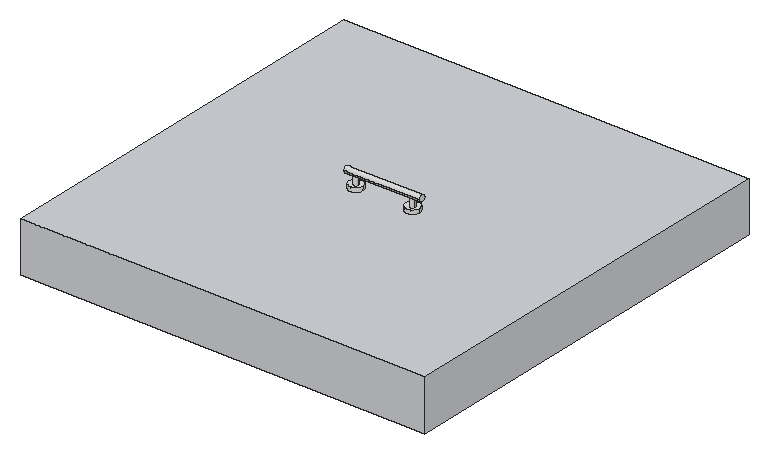
Revit family "ASH_Contour21_S0831_BIM_GB", category Plumbing Fixtures, host Face, Revit 2019
Family settings
  Host = Face
  Round Connector Dimension = Use Diameter
  Part Type = Normal
  OmniClass Number = 23.45.05.14.21.11
  OmniClass Title = Bath/Shower Units
  Cut with Voids When Loaded = No
  Shared = Yes
  Room Calculation Point = No
Parameters (values of type "S0831MY - GRABRAIL 600 STAINLESS STEEL STRGHT 45")
  WrasExpiryDate = "n/a"
  WaterEfficientProduct = no
  WaterEfficientProducst = "n/a"
  WarrantyStartDate [instance] = "1900-12-31T23:59:59"
  WarrantyGuarantorParts = "Productinfo@thebluebook.co.uk"
  WarrantyGuarantorLabor = "n/a"
  WarrantyDurationUnit = "year"
  WarrantyDurationParts = "5"
  WarrantyDurationLabor = "n/a"
  WarrantyDescription = "Manufacturers Warranty"
  WRASURL = "n/a"
  WRASApprovalNumber = "n/a"
  WRAS = no
  VolumeUnits = "Litres"
  Version = "1"
  Uniclass2015Version = "v1.25"
  Uniclass2015Title = "Grab rails"
  Uniclass2015Reference = "Pr_25_30_36_34"
  Uniclass2015Description = "Grab rails"
  Uniclass2015Code = "Pr_25_30_36_34"
  Uniclass2 = ""
  URL = "www.idealspec.co.uk"
  Type Comments = "n/a"
  TagNumber [instance] = "n/a"
  TMV3 = no
  SustainabilityPerformance = "n/a"
  SpareParts = "www.fastpart-spares.co.uk"
  Space = "Internal"
  Size = "455 x 98 x 85 mm"
  Shape = "cylindrical"
  SerialNumber [instance] = "n/a"
  Revision = "n/a"
  ReplacementCost = "n/a"
  ProductInformation = "www.idealspec.co.uk/assets/datasheet/S0831"
  Product certification = "https://www.idealspec.co.uk/contact-us.html"
  PredefinedType = "n/a"
  Phone = "01482 346 461"
  NominalWidth = 0 mm
  NominalLength = 455 mm
  NominalHeight = 85 mm
  NominalDepth = 97.5 mm
  NettWeight = "4,21 KG"
  Name = "ISI_GrabBars_Contour21_S0831_IdealStandard"
  NBSTypeID = "n/a"
  NBSReference = "45-70-70/465"
  NBSOfficeMasterTag = "n/a"
  NBSNote = "n/a"
  NBSDescription = "Aluminium handrails"
  NBSCertification = "n/a"
  ModelReference = Description  # "Contour 21 Contemporary grab rail 45cm long"
  ModelNumber = Model  # "S0831MY"
  Material = ISI_IdealStandard_Sanitaryware_StainlessSteel_Render
  ManufacturerURL = "www.idealspec.co.uk"
  MaintenanceInformation = "Contemporary 21 Grab Rails | Rails and Hinged Supports | Adjustable Brackets and Grab Rails | Bluebook (idealspec.co.uk)"
  MainColor = "Stainless Steel"
  LinearUnits = "millimeters"
  Keynote = "n/a"
  InstallationInstructions = "www.idealspec.co.uk/resources.html"
  InstallationDate [instance] = "1900-12-31T23:59:59"
  IfcExportType = "GRABRAILS"
  IfcExportAs = "IfcFurnitureType"
  Help = "Productinfo@thebluebook.co.uk"
  GrossWeight = "n/a"
  Grade = "n/a"
  Finish = "Stainless Steel"
  Features = "Contemporary grab rail 45cm long"
  FactoryOfProduction = "n/a"
  ExpectedLife = "30"
  ElementType = "n/a"
  DurationUnit = "year"
  DistributedBy = "n/a"
  CurrentRevision = "1"
  CurrencyUnit = "n/a"
  CreatedOn = "01/04/2022"
  Constituents = "n/a"
  ConnectionType = "Mechanical"
  ComponentNames = "n/a"
  Color = "Stainless Steel"
  CodePerformance = "n/a"
  Classification = "Grab Rails"
  Category = "Grab Rails"
  Reference = "n/a"
  Model = "S0831MY"
  Manufacturer = "Ideal Standard (UK) Ltd"
  ECA = no
  Description = "Contour 21 Contemporary grab rail 45cm long"
  Default Elevation = 850 mm
  Brand = "Armitage Shanks"
  BarCode = "5017830546122"
  BREEAMApproved = "n/a"
  BREEAM = no
  BIMObjectName = "ISI_IdealStandard_GrabBars_S0832"
  Author = "Ideal Standard (UK) Ltd"
  AssetType = "Fixed"
  AssetIdentifier [instance] = "n/a"
  Assembly Code = "C1030200"
  AreaUnits = "millimeters"
  AreaMeasurement = "n/a"
  Accessories = "www.idealspec.co.uk"
  AccessibilityPerformance = "n/a"
Types (2, lengths in mm): name | ModelNumber | Material | MainColor | Finish | Color | Model | BarCode | BIMObjectName
  S0831AA - GRABRAIL 600 CHROME STRGHT 45 | "S0831AA" | ISI_IdealStandard_Sanitaryware_Chrome_Render | "Chorme" | "Chorme" | "Chorme" | "S0831AA" | "5017830546115" | "ISI_IdealStandard_GrabBars_S0831"
  S0831MY - GRABRAIL 600 STAINLESS STEEL STRGHT 45 | "S0831MY" | ISI_IdealStandard_Sanitaryware_StainlessSteel_Render | "Stainless Steel" | "Stainless Steel" | "Stainless Steel" | "S0831MY" | "5017830546122" | "ISI_IdealStandard_GrabBars_S0832"
Reference planes
  plane 1 "Center (Front/Back)": y = 0
  plane 2: z = 0
  plane 3 "Center (Left/Right)": x = 0
  plane 4: x = 170
  plane 5: x = -170
  plane 6: z = 80
  plane 7: y = -42.5
  plane 8: y = 42.5
  plane 9: z = 97.5
Forms (mm)
  Extrusion 1, solid
    sketch origin (0, 0, 0) x (1, 0, 0) y (0, 1, 0)
      loop
        line (-1219.2, 1219.2) -> (-1219.2, -1219.2) -> (1219.2, -1219.2) -> (1219.2, 1219.2) -> (-1219.2, 1219.2)
    from 0 to -304.8
  Extrusion 2, solid, material "ISI_IdealStandard_Sanitaryware_StainlessSteel_Render" <- "Material"
    sketch origin (0, 0, 0) x (1, 0, 0) y (0, 1, 0)
      loop
        circle (170, 0) r 42.5
      loop
        circle (-170, 0) r 42.5
    from 0 to 20
  Extrusion 3, solid, material "ISI_IdealStandard_Sanitaryware_StainlessSteel_Render" <- "Material"
    sketch origin (0, 0, 0) x (0, 1, 0) y (0, 0, 1)
      loop
        circle (0, 80) r 17.5
    from -227.5 to 227.5
  Revolve 4, solid, material "ISI_IdealStandard_Sanitaryware_StainlessSteel_Render" <- "Material"
    sketch origin (0, 0, 0) x (1, 0, 0) y (0, 0, 1)
      loop
        line (170, 80) -> (170, 20) -> (185, 20) -> (185, 80) -> (170, 80)
      axis (170, 80) -> (170, 20)
    angle from 0 to 360
  Revolve 5, solid, material "ISI_IdealStandard_Sanitaryware_StainlessSteel_Render" <- "Material"
    sketch origin (0, 0, 0) x (-1, 0, 0) y (0, 0, -1)
      loop
        line (170, -80) -> (185, -80) -> (185, -20) -> (170, -20) -> (170, -80)
      axis (170, -80) -> (170, -20)
    angle from 0 to 360
Dimensions and locks
  equal spacing: plane 5, plane 3 "Center (Left/Right)", plane 4
  "NominalLength": Extrusion 3 to Extrusion 3
  "NominalHeight": plane 8 to plane 7
  "NominalDepth": plane 9 to Extrusion 1
  aligned and locked: plane 2 to Extrusion 1
  aligned and locked: level to Extrusion 1
Automatic sketch dimensions
  Extrusion 1 sketch curve to Extrusion 1 sketch curve = 2438.4 mm  (x2)
  plane 1 "Center (Front/Back)" to Extrusion 2 sketch curve = 0 mm  (x2)
  Extrusion 2 sketch curve to plane 5 = 0 mm
  Extrusion 2 sketch curve to plane 4 = 0 mm
  Extrusion 3 sketch curve to plane 1 "Center (Front/Back)" = 0 mm
  Extrusion 3 sketch curve to plane 6 = 0 mm
  Revolve 4 sketch curve to plane 4 = 0 mm  (x2)
  Revolve 4 sketch curve to plane 6 = 0 mm
  plane 4 to Revolve 4 sketch curve = 15 mm
  level to Revolve 4 sketch curve = 20 mm
  Revolve 4 sketch curve to level = 304.8 mm
  Revolve 4 sketch curve to Revolve 4 sketch curve = 2358.4 mm
  Revolve 5 sketch curve to plane 5 = 0 mm  (x2)
  Revolve 5 sketch curve to plane 6 = 0 mm
  Revolve 5 sketch curve to plane 5 = 15 mm
  level to Revolve 5 sketch curve = 20 mm
  Revolve 5 sketch curve to Revolve 5 sketch curve = 2358.4 mm
  Revolve 5 sketch curve to level = 304.8 mm
  radius of Extrusion 2 sketch curve = 42.5 mm  (x2)
  radius of Extrusion 3 sketch curve = 17.5 mm
